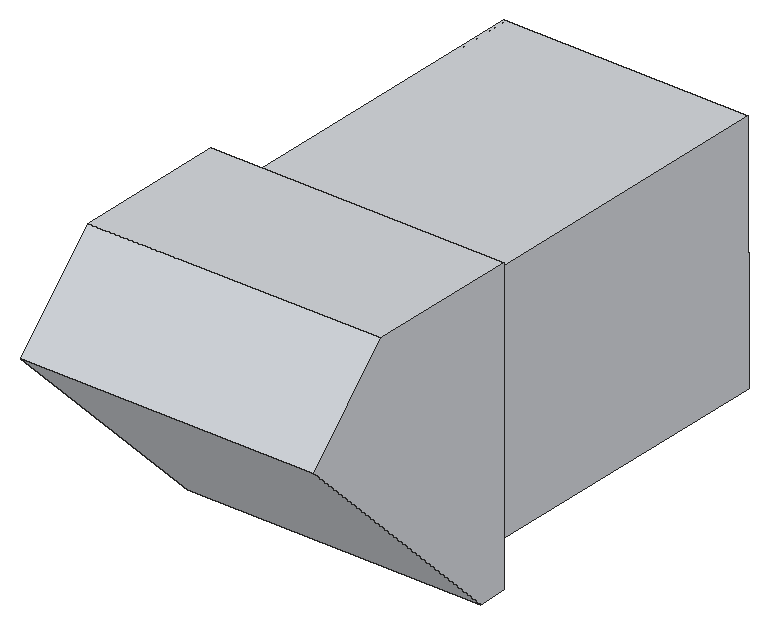
Revit family "XMP_SUPPLY", category Mechanical Equipment, Revit 2019
Family settings
  Round Connector Dimension = Use Diameter
  Part Type = Normal
  Work Plane-Based = No
  Always vertical = Yes
  Cut with Voids When Loaded = No
  Shared = No
  Room Calculation Point = No
Parameters (values of type "20_XMP_SUPPLY")
  WO_PAC/2 = WO_PAC / 2  # 1' - 0 5/8"
  WO_PAC = B_PAC + 0' 0 1/4"  # 2' - 1 1/4"
  WH_C = WH_B + 0' 3"  # 2' - 9"
  WH_B/2 = WH_B / 2  # 1' - 3"
  WH_B = 2' - 6"
  WH_A = 2' - 0 3/8"
  WEATHER_HOOD [instance] = yes
  Unit Weight [instance] = ""
  Sones [instance] = ""
  SIZE/2 = SIZE / 2  # 0' - 11 15/16"
  SIZE = D - 0' 0 1/8"  # 1' - 11 7/8"
  Motor RPM [instance] = ""
  Motor Enclosure [instance] = ""
  ModelID [instance] = ""
  MOTOR = D / 8  # 0' - 3"
  LwA [instance] = ""
  Fan RPM [instance] = ""
  D_PAC/2 = D_PAC / 2 - 0' 4"  # 1' - 1 3/16"
  D_PAC = 2' - 10 3/8"
  D/2 = D / 2  # 1' - 0"
  D = 2' - 0"
  E/2 = E / 2  # 0' - 1"
  E = 0' - 2"
  C_PAC/2 = C_PAC / 2  # 0' - 11"
  C_PAC = 1' - 10"
  C/2 = C / 2  # 0' - 2 5/8"
  C = 0' - 5 1/4"
  B_PAC/2 = B_PAC / 2  # 1' - 0 1/2"
  B_PAC = 2' - 1"
  B/4 = B / 4  # 0' - 4 49/64"
  B/2 = B / 2  # 0' - 9 17/32"
  B-2.5" = B - 0' 2 1/2"  # 1' - 4 9/16"
  B = 1' - 7 1/16"
  Accessories [instance] = ""
  A_PAC/2 = A_PAC / 2  # 1' - 1 3/4"
  A_PAC = 2' - 3 1/2"
  A/7 = A / 7  # 0' - 3.45536"
  A/3.5 = A / 3.5  # 0' - 6.91071"
  A/2 = A / 2  # 1' - 0 3/32"
  A = 2' - 0 3/16"
  90 = 90.00°  # constant formula
  9" = 0' - 9"  # constant formula
  45 = 45.00°
  4'6" = 4' - 6"  # constant formula
  3" = 0' - 3"  # constant formula
  Brake Hp [instance] = ""
  4" = 0' - 4"  # constant formula
  2E = E + E  # 0' - 4"
  2' = 2' - 0"
  2" = 0' - 2"  # constant formula
  135 = 135.00°  # constant formula
  1" = 0' - 1"  # constant formula
  0 = 0' - 0"  # constant formula
  Voltage [instance] = 0 V
  URL = "www.lorencook.com"
  Type Comments = "Medium Pressure Wall-Pac Supply Fan Steel Propeller Belt Drive"  # constant formula
  Static Pressure [instance] = 0.00 in-wg
  Power [instance] = Voltage * Motor FLA * sqrt(if(Phase = 3, 3, 1))  # 0 VA
  Phase [instance] = 0
  Number of Poles [instance] = 1
  Motor Hp [instance] = "0"
  Motor FLA [instance] = 0 A
  Model = "XMP-Supply"  # constant formula
  Manufacturer = "Loren Cook Company"
  CFM [instance] = 0 CFM
  1.5 = 0' - 1 1/2"  # constant formula
  1/2 = 0' - 0 1/2"  # constant formula
  ONE EIGTH = 0' - 0 1/8"  # constant formula
  -WH_B/2 = -WH_B / 2  # -1' - 3"
  -D_PAC/2 = -D_PAC / 2 - 0' 4"  # -1' - 9 3/16"
  -D = -E  # -0' - 2"
  -C/2 = -C / 2  # -0' - 2 5/8"
  -B+1" = -B + 0' 2"  # -1' - 5 1/16"
  -B = -B  # -1' - 7 1/16"
  -((SIZE/2)-.25") = -((SIZE / 2) - 0' 0 1/4")  # -0' - 11 11/16"
  -((A/2)-C-.5") = -((A / 2) - C - 0' 0 1/2")  # -0' - 6 11/32"
  (SIZE/2)-.25" = (SIZE / 2) - 0' 0 1/4"  # 0' - 11 11/16"
  (D_SUP/2)-(C/2)-.125" = (D / 2) - (C / 2) - 0' 0 1/8"  # 0' - 9 1/4"
  (A/2)-C-.5" = (A / 2) - C - 0' 0 1/2"  # 0' - 6 11/32"
  (A/2)-1" = (A / 2) - 0' 0 1/4"  # 0' - 11 27/32"
Types (9): name | WO_PAC/2 | WO_PAC | WH_C | WH_B/2 | WH_B | WH_A | SIZE/2 | SIZE | MOTOR | D_PAC/2 | D_PAC | D/2 | D | E/2 | E | C_PAC/2 | C_PAC | C/2 | C | B_PAC/2 | B_PAC | B/4 | B/2 | B-2.5" | B | A_PAC/2 | A_PAC | A/7 | A/3.5 | A/2 | A | 2E | -WH_B/2 | -D_PAC/2 | -D | -C/2 | -B+1" | -B | -((SIZE/2)-.25") | -((A/2)-C-.5") | (SIZE/2)-.25" | (D_SUP/2)-(C/2)-.125" | (A/2)-C-.5" | (A/2)-1"
  (no name) | 1' - 0 5/8" | 2' - 1 1/4" | 2' - 9" | 1' - 3" | 2' - 6" | 2' - 0 3/8" | 0' - 11 15/16" | 1' - 11 7/8" | 0' - 3" | 1' - 1 3/16" | 2' - 10 3/8" | 1' - 0" | 2' - 0" | 0' - 1" | 0' - 2" | 0' - 11" | 1' - 10" | 0' - 2 5/8" | 0' - 5 1/4" | 1' - 0 1/2" | 2' - 1" | 0' - 4 49/64" | 0' - 9 17/32" | 1' - 4 9/16" | 1' - 7 1/16" | 1' - 1 3/4" | 2' - 3 1/2" | 0' - 3.45536" | 0' - 6.91071" | 1' - 0 3/32" | 2' - 0 3/16" | 0' - 4" | -1' - 3" | -1' - 9 3/16" | -0' - 2" | -0' - 2 5/8" | -1' - 5 1/16" | -1' - 7 1/16" | -0' - 11 11/16" | -0' - 6 11/32" | 0' - 11 11/16" | 0' - 9 1/4" | 0' - 6 11/32" | 0' - 11 27/32"
  24_XMP_SUPPLY | 1' - 3 5/8" | 2' - 7 1/4" | 3' - 1" | 1' - 5" | 2' - 10" | 2' - 3 1/8" | 1' - 2 15/16" | 2' - 5 7/8" | 0' - 3 3/4" | 1' - 1 3/16" | 2' - 10 3/8" | 1' - 3" | 2' - 6" | 0' - 1 1/2" | 0' - 3" | 1' - 1 3/4" | 2' - 3 1/2" | 0' - 3 3/8" | 0' - 6 3/4" | 1' - 3 1/2" | 2' - 7" | 0' - 4 49/64" | 0' - 9 17/32" | 1' - 4 9/16" | 1' - 7 1/16" | 1' - 4 3/4" | 2' - 9 1/2" | 0' - 4 5/16" | 0' - 8 5/8" | 1' - 3 3/32" | 2' - 6 3/16" | 0' - 6" | -1' - 5" | -1' - 9 3/16" | -0' - 3" | -0' - 3 3/8" | -1' - 5 1/16" | -1' - 7 1/16" | -1' - 2 11/16" | -0' - 7 27/32" | 1' - 2 11/16" | 0' - 11 1/2" | 0' - 7 27/32" | 1' - 2 27/32"
  30_XMP_SUPPLY | 1' - 6 5/8" | 3' - 1 1/4" | 3' - 7" | 1' - 8" | 3' - 4" | 2' - 7 7/16" | 1' - 5 15/16" | 2' - 11 7/8" | 0' - 4 1/2" | 1' - 3" | 3' - 2" | 1' - 6" | 3' - 0" | 0' - 1 1/2" | 0' - 3" | 1' - 4 3/4" | 2' - 9 1/2" | 0' - 3 3/8" | 0' - 6 3/4" | 1' - 6 1/2" | 3' - 1" | 0' - 4 49/64" | 0' - 9 17/32" | 1' - 4 9/16" | 1' - 7 1/16" | 1' - 7 3/4" | 3' - 3 1/2" | 0' - 5.16964" | 0' - 10.33929" | 1' - 6 3/32" | 3' - 0 3/16" | 0' - 6" | -1' - 8" | -1' - 11" | -0' - 3" | -0' - 3 3/8" | -1' - 5 1/16" | -1' - 7 1/16" | -1' - 5 11/16" | -0' - 10 27/32" | 1' - 5 11/16" | 1' - 2 1/2" | 0' - 10 27/32" | 1' - 5 27/32"
  36_XMP_SUPPLY | 1' - 9 5/8" | 3' - 7 1/4" | 4' - 1" | 1' - 11" | 3' - 10" | 2' - 11 11/16" | 1' - 8 15/16" | 3' - 5 7/8" | 0' - 5 1/4" | 1' - 3 3/4" | 3' - 3 1/2" | 1' - 9" | 3' - 6" | 0' - 1 1/2" | 0' - 3" | 1' - 7 3/4" | 3' - 3 1/2" | 0' - 3 11/16" | 0' - 7 3/8" | 1' - 9 1/2" | 3' - 7" | 0' - 4 49/64" | 0' - 9 17/32" | 1' - 4 9/16" | 1' - 7 1/16" | 1' - 10 3/4" | 3' - 9 1/2" | 0' - 6.02679" | 1' - 0.05357" | 1' - 9 3/32" | 3' - 6 3/16" | 0' - 6" | -1' - 11" | -1' - 11 3/4" | -0' - 3" | -0' - 3 11/16" | -1' - 5 1/16" | -1' - 7 1/16" | -1' - 8 11/16" | -1' - 1 7/32" | 1' - 8 11/16" | 1' - 5 3/16" | 1' - 1 7/32" | 1' - 8 27/32"
  42_XMP_SUPPLY | 2' - 0 21/32" | 4' - 1 5/16" | 4' - 7" | 2' - 2" | 4' - 4" | 3' - 3 15/16" | 1' - 11 15/16" | 3' - 11 7/8" | 0' - 6" | 1' - 4 1/2" | 3' - 5" | 2' - 0" | 4' - 0" | 0' - 1 1/2" | 0' - 3" | 1' - 10 3/4" | 3' - 9 1/2" | 0' - 3 25/32" | 0' - 7 9/16" | 2' - 0 17/32" | 4' - 1 1/16" | 0' - 5 11/64" | 0' - 10 11/32" | 1' - 6 3/16" | 1' - 8 11/16" | 2' - 1 3/4" | 4' - 3 1/2" | 0' - 6.88393" | 1' - 1.76786" | 2' - 0 3/32" | 4' - 0 3/16" | 0' - 6" | -2' - 2" | -2' - 0 1/2" | -0' - 3" | -0' - 3 25/32" | -1' - 6 11/16" | -1' - 8 11/16" | -1' - 11 11/16" | -1' - 4 1/32" | 1' - 11 11/16" | 1' - 8 3/32" | 1' - 4 1/32" | 1' - 11 27/32"
  48_XMP_SUPPLY | 2' - 3 21/32" | 4' - 7 5/16" | 5' - 1" | 2' - 5" | 4' - 10" | 3' - 8 3/16" | 2' - 2 15/16" | 4' - 5 7/8" | 0' - 6 3/4" | 1' - 9 1/2" | 4' - 3" | 2' - 3" | 4' - 6" | 0' - 1 1/2" | 0' - 3" | 2' - 1 3/4" | 4' - 3 1/2" | 0' - 3 15/16" | 0' - 7 7/8" | 2' - 3 17/32" | 4' - 7 1/16" | 0' - 6 37/64" | 1' - 1 5/32" | 1' - 11 13/16" | 2' - 2 5/16" | 2' - 4 3/4" | 4' - 9 1/2" | 0' - 7.74107" | 1' - 3.48214" | 2' - 3 3/32" | 4' - 6 3/16" | 0' - 6" | -2' - 5" | -2' - 5 1/2" | -0' - 3" | -0' - 3 15/16" | -2' - 0 5/16" | -2' - 2 5/16" | -2' - 2 11/16" | -1' - 6 23/32" | 2' - 2 11/16" | 1' - 10 15/16" | 1' - 6 23/32" | 2' - 2 27/32"
  54_XMP_SUPPLY | 2' - 6 11/16" | 5' - 1 3/8" | 5' - 7" | 2' - 8" | 5' - 4" | 4' - 0 7/16" | 2' - 5 15/16" | 4' - 11 7/8" | 0' - 7 1/2" | 1' - 8" | 4' - 0" | 2' - 6" | 5' - 0" | 0' - 1 1/2" | 0' - 3" | 2' - 4 3/4" | 4' - 9 1/2" | 0' - 3 7/8" | 0' - 7 3/4" | 2' - 6 9/16" | 5' - 1 1/8" | 0' - 6 37/64" | 1' - 1 5/32" | 1' - 11 13/16" | 2' - 2 5/16" | 2' - 7 3/4" | 5' - 3 1/2" | 0' - 8.59821" | 1' - 5.19643" | 2' - 6 3/32" | 5' - 0 3/16" | 0' - 6" | -2' - 8" | -2' - 4" | -0' - 3" | -0' - 3 7/8" | -2' - 0 5/16" | -2' - 2 5/16" | -2' - 5 11/16" | -1' - 9 27/32" | 2' - 5 11/16" | 2' - 2" | 1' - 9 27/32" | 2' - 5 27/32"
  60_XMP_SUPPLY | 2' - 9 11/16" | 5' - 7 3/8" | 6' - 1" | 2' - 11" | 5' - 10" | 4' - 4 5/8" | 2' - 8 15/16" | 5' - 5 7/8" | 0' - 8 1/4" | 1' - 8" | 4' - 0" | 2' - 9" | 5' - 6" | 0' - 1 1/2" | 0' - 3" | 2' - 7 3/4" | 5' - 3 1/2" | 0' - 3 15/16" | 0' - 7 7/8" | 2' - 9 9/16" | 5' - 7 1/8" | 0' - 6 37/64" | 1' - 1 5/32" | 1' - 11 13/16" | 2' - 2 5/16" | 2' - 10 3/4" | 5' - 9 1/2" | 0' - 9.45536" | 1' - 6.91071" | 2' - 9 3/32" | 5' - 6 3/16" | 0' - 6" | -2' - 11" | -2' - 4" | -0' - 3" | -0' - 3 15/16" | -2' - 0 5/16" | -2' - 2 5/16" | -2' - 8 11/16" | -2' - 0 23/32" | 2' - 8 11/16" | 2' - 4 15/16" | 2' - 0 23/32" | 2' - 8 27/32"
  20_XMP_SUPPLY | 1' - 0 5/8" | 2' - 1 1/4" | 2' - 9" | 1' - 3" | 2' - 6" | 2' - 0 3/8" | 0' - 11 15/16" | 1' - 11 7/8" | 0' - 3" | 1' - 1 3/16" | 2' - 10 3/8" | 1' - 0" | 2' - 0" | 0' - 1" | 0' - 2" | 0' - 11" | 1' - 10" | 0' - 2 5/8" | 0' - 5 1/4" | 1' - 0 1/2" | 2' - 1" | 0' - 4 49/64" | 0' - 9 17/32" | 1' - 4 9/16" | 1' - 7 1/16" | 1' - 1 3/4" | 2' - 3 1/2" | 0' - 3.45536" | 0' - 6.91071" | 1' - 0 3/32" | 2' - 0 3/16" | 0' - 4" | -1' - 3" | -1' - 9 3/16" | -0' - 2" | -0' - 2 5/8" | -1' - 5 1/16" | -1' - 7 1/16" | -0' - 11 11/16" | -0' - 6 11/32" | 0' - 11 11/16" | 0' - 9 1/4" | 0' - 6 11/32" | 0' - 11 27/32"
Reference planes (in)
  plane 1 "Center (Front/Back)": y = 0
  plane 2: z = 0
  plane 3 "Center (Left/Right)": x = 0.40541
Forms (in)
  Revolve 1, solid
    sketch origin (0.40541, 0, 0) x (0, 1, 0) y (0, 0, 1)
      loop
        line (-3.625, 2.625) -> (-3.625, 0) -> (-2.625, 0) -> (-2.625, 2.625) -> (-3.625, 2.625)
      axis (-3.625, 0) -> (-2.625, 0)
    angle from 0 to 360
  Extrusion 2, solid
    sketch origin (0.40541, 0, 0) x (0, 1, 0) y (0, 0, 1)
      loop
        line (0, -2.625) -> (-5.25, 2.625) -> (-5.33839, 2.53661) -> (-0.08839, -2.71339) -> (0, -2.625)
    from 48 to 2.625 <- "C/2"
  Extrusion 3, solid
    sketch origin (0.40541, 0, 0) x (0, 1, 0) y (-1, 0, 0)
      loop
        line (0, -2.625) -> (-5.25, 2.625) -> (-5.33839, 2.53661) -> (-0.08839, -2.71339) -> (0, -2.625)
    from 48 to 2.625 <- "C/2"
  Extrusion 4, solid
    sketch origin (0.40541, 0, 0) x (0, 1, 0) y (0, 0, -1)
      loop
        line (0, -2.625) -> (-5.25, 2.625) -> (-5.33839, 2.53661) -> (-0.08839, -2.71339) -> (0, -2.625)
    from 48 to 2.625 <- "C/2"
  Extrusion 5, solid
    sketch origin (0.40541, 0, 0) x (1, 0, 0) y (0, 1, 0)
      loop
        line (-2.625, 0) -> (-2.71339, -0.08839) -> (2.53661, -5.33839) -> (2.625, -5.25) -> (-2.625, 0)
    from -48 to -2.625 <- "-C/2"
  Extrusion 6, void
    sketch origin (0, 0, 0) x (1, 0, 0) y (0, 0, 1)
      loop
        circle (0.40541, 0) r 9.25
      loop
        circle (0.40541, 0) r 54
    from 0 to 10
  Extrusion 7, solid
    sketch origin (0, 0, 0) x (1, 0, 0) y (0, 0, 1)
      loop
        line (-11.68834, 12.09375) -> (-11.68834, -12.09375) -> (12.49916, -12.09375) -> (12.49916, 12.09375) -> (-11.68834, 12.09375)
      loop
        circle (0.40541, 0) r 12
    from 0 to -0.125
  Extrusion 8, solid
    sketch origin (0, 0, 0) x (1, 0, 0) y (0, 0, 1)
      loop
        line (-11.68834, 12.09375) -> (-11.68834, -12.09375) -> (12.49916, -12.09375) -> (12.49916, 12.09375) -> (-11.68834, 12.09375)
      loop
        line (12.37416, -11.96875) -> (12.37416, 11.96875) -> (-11.56334, 11.96875) -> (-11.56334, -11.96875) -> (12.37416, -11.96875)
    from 0 to -2 <- "-D"
  Extrusion 9, solid
    sketch origin (0, 0, 0) x (1, 0, 0) y (0, 0, 1)
      loop
        circle (0.40541, 0) r 1
    from 2 to -19.0625 <- "-B"
  Revolve 10, solid
    sketch origin (0.40541, 0, 0) x (0, 1, 0) y (0, 0, 1)
      loop
        arc (-0.125, 12) -> (-2.75, 9.375) -> (-5.375, 12) r 2.625
        line (-5.375, 12) -> (-5.5, 12)
        arc (-5.5, 12) -> (-2.75, 9.25) -> (0, 12) r 2.75
        line (0, 12) -> (-0.125, 12)
      axis (-5.5, 0) -> (0, 0)
    angle from 0 to 360
  Extrusion 11, solid
    sketch origin (0, 0.125, 0) x (-1, 0, 0) y (0, 0, 1)
      loop
        line (-12.24916, -6.1869) -> (5.78148, 11.84375) -> (4.36727, 11.84375) -> (-12.24916, -4.77268) -> (-12.24916, -6.1869)
    from 0 to 4 <- "2E"
  Extrusion 12, solid
    sketch origin (0, 0.125, 0) x (-1, 0, 0) y (0, 0, 1)
      loop
        line (-5.35516, 0.70711) -> (7.1957, -11.84375) -> (8.60991, -11.84375) -> (-4.64805, 1.41421) -> (-5.35516, 0.70711)
    from 0 to 16.5625 <- "B-2.5""
  Extrusion 13, solid
    sketch origin (0, 0.125, 0) x (-1, 0, 0) y (0, 0, 1)
      loop
        circle (5.56334, -4.55454) r 3
    from 0 to 16.5625 <- "B-2.5""
  Extrusion 14, solid
    sketch origin (0, 16.6875, 0) x (-1, 0, 0) y (0, 0, 1)
      loop
        circle (5.56334, -4.55454) r 0.5
    from 0 to 2.5
  Extrusion 15, solid
    sketch origin (0, 16.6875, 0) x (-1, 0, 0) y (0, 0, 1)
      loop
        circle (-0.40541, 0) r 1
      loop
        line (-3.94095, 0.70711) -> (0.30169, -3.53553) -> (1.0088, -2.82843) -> (0.11223, -1.93185)
        arc (0.11223, -1.93185) -> (1.0088, 1.41421) -> (-2.33726, 0.51764) r 2
        line (-2.33726, 0.51764) -> (-3.23384, 1.41421) -> (-3.94095, 0.70711)
    from -2.5 to -1
  Extrusion 16, solid
    sketch origin (0, 0.125, 0) x (1, 0, 0) y (0, 0, 1)
      loop
        circle (0.40541, 0) r 1
      loop
        arc (2.33726, 0.51764) -> (-1.0088, 1.41421) -> (-0.11223, -1.93185) r 2
        line (-0.11223, -1.93185) -> (-1.0088, -2.82843) -> (-0.30169, -3.53553) -> (3.94095, 0.70711) -> (3.23384, 1.41421) -> (2.33726, 0.51764)
    from -2.5 to -1
  Extrusion 17, void
    sketch origin (4.64805, 0.125, 1.41421) x (0.707107, 0, 0.707107) y (0, -1, 0)
      loop
        line (-18.74959, -16.5625) -> (-15.74959, -16.5625) -> (-18.74959, -13.5625) -> (-18.74959, -16.5625)
    from 0 to 12
  Extrusion 18, solid
    sketch origin (0, 0, 0) x (1, 0, 0) y (0, 0, 1)
      loop
        line (-12.09459, 12.5) -> (-12.09459, -12.5) -> (12.90541, -12.5) -> (12.90541, 12.5) -> (-12.09459, 12.5)
      loop
        line (12.78041, -12.375) -> (12.78041, 12.375) -> (-11.96959, 12.375) -> (-11.96959, -12.375) -> (12.78041, -12.375)
    from -21.1875 <- "-D_PAC/2" to 13.1875 <- "D_PAC/2"
  Extrusion 19, solid
    sketch origin (0, -13.1875, 0) x (1, 0, 0) y (0, 0, 1)
      loop
        line (-10.59459, 11) -> (-10.59459, -11) -> (11.40541, -11) -> (11.40541, 11) -> (-10.59459, 11)
      loop
        line (14.15541, -13.75) -> (14.15541, 13.75) -> (-13.34459, 13.75) -> (-13.34459, -13.75) -> (14.15541, -13.75)
    from 0 to 0.125
  Extrusion 20, solid
    sketch origin (0, -13.3125, 0) x (1, 0, 0) y (0, 0, 1)
      loop
        line (9.90541, 9.5) -> (-9.09459, 9.5) -> (-9.09459, -9.5) -> (9.90541, -9.5) -> (9.90541, 9.5)
      loop
        line (-10.59459, -11) -> (11.40541, -11) -> (11.40541, 11) -> (-10.59459, 11) -> (-10.59459, -11)
    from 0 to 2
  Extrusion 21, solid, visible <- "WEATHER_HOOD"
    sketch origin (0.40541, 0, 0) x (0, 1, 0) y (0, 0, 1)
      loop
        line (-13.1875, 15) -> (-28.9375, 15) -> (-37.5625, 6.375) -> (-16.1875, -15) -> (-13.1875, -15) -> (-13.1875, 15)
    from 15 <- "WH_B/2" to -15 <- "-WH_B/2"
Cuts and joins
  Extrusion 6 cuts Revolve 1
  Extrusion 6 cuts Extrusion 2
  Extrusion 6 cuts Extrusion 3
  Extrusion 6 cuts Extrusion 4
  Extrusion 6 cuts Extrusion 5
  Extrusion 17 cuts Extrusion 12
Dimensions and locks (in)
  "0": Revolve 1 sketch curve to level  (x2)
  "C/2": Revolve 1 sketch curve to level
  "C/2": plane 1 "Center (Front/Back)" to Revolve 1 sketch curve
  "1"": Revolve 1 sketch curve to Revolve 1 sketch curve
  "0": Extrusion 2 sketch curve to plane 1 "Center (Front/Back)"
  "C": plane 1 "Center (Front/Back)" to Extrusion 2 sketch curve
  "C/2": Extrusion 2 sketch curve to level
  "C/2": level to Extrusion 2 sketch curve
  "ONE EIGTH": Extrusion 2 sketch curve to Extrusion 2 sketch curve
  "ONE EIGTH": Extrusion 3 sketch curve to Extrusion 3 sketch curve
  "ONE EIGTH": Extrusion 4 sketch curve to Extrusion 4 sketch curve
  "ONE EIGTH": Extrusion 5 sketch curve to Extrusion 5 sketch curve
  Extrusion 6 sketch curve to plane 3 "Center (Left/Right)" = 0' - 0"  (x2)
  level to Extrusion 6 sketch curve = 0' - 0"
  Extrusion 6 sketch curve to level = 0' - 0"
  "0": Extrusion 3 sketch curve to plane 1 "Center (Front/Back)"
  "C": Extrusion 3 sketch curve to plane 1 "Center (Front/Back)"
  "C/2": plane 3 "Center (Left/Right)" to Extrusion 3 sketch curve
  "C/2": Extrusion 3 sketch curve to plane 3 "Center (Left/Right)"
  "C": plane 1 "Center (Front/Back)" to Extrusion 4 sketch curve
  "0": Extrusion 4 sketch curve to plane 1 "Center (Front/Back)"
  "C/2": level to Extrusion 4 sketch curve
  "C/2": Extrusion 4 sketch curve to level
  "0": Extrusion 5 sketch curve to plane 1 "Center (Front/Back)"
  "C": Extrusion 5 sketch curve to plane 1 "Center (Front/Back)"
  "C/2": plane 3 "Center (Left/Right)" to Extrusion 5 sketch curve
  "C/2": Extrusion 5 sketch curve to plane 3 "Center (Left/Right)"
  "A/2": plane 3 "Center (Left/Right)" to Extrusion 7 sketch curve
  "A/2": Extrusion 7 sketch curve to plane 3 "Center (Left/Right)"
  "A/2": Extrusion 7 sketch curve to level
  "A/2": level to Extrusion 7 sketch curve
  "0": Extrusion 7 sketch curve to level
  "0": Extrusion 7 sketch curve to plane 3 "Center (Left/Right)"
  "ONE EIGTH": Extrusion 8 sketch curve to Extrusion 8 sketch curve  (x4)
  "A/2": plane 3 "Center (Left/Right)" to Extrusion 8 sketch curve  (x2)
  "A/2": level to Extrusion 8 sketch curve
  "A/2": Extrusion 8 sketch curve to level
  "0": Extrusion 9 sketch curve to level
  "0": Extrusion 9 sketch curve to plane 3 "Center (Left/Right)"
  "0": Revolve 10 sketch curve to level
  "D/2": Revolve 10 sketch curve to level  (x2)
  "C": Revolve 10 sketch curve to Revolve 10 sketch curve
  "ONE EIGTH": plane 1 "Center (Front/Back)" to Revolve 10 sketch curve
  "ONE EIGTH": Revolve 10 sketch curve to Revolve 10 sketch curve  (x2)
  "0": Revolve 10 sketch curve to Revolve 10 sketch curve
  "3"": Extrusion 9 to Extrusion 11 sketch curve
  "1"": Extrusion 11 sketch curve to Extrusion 11 sketch curve
  "ONE EIGTH": Extrusion 11 sketch curve to Extrusion 8
  "ONE EIGTH": Extrusion 8 to Extrusion 11 sketch curve
  "ONE EIGTH": Extrusion 8 to Extrusion 12 sketch curve
  "0": Extrusion 12 sketch curve to Extrusion 11
  "1"": Extrusion 12 sketch curve to Extrusion 12 sketch curve
  "1"": Extrusion 12 sketch curve to Extrusion 9
  "0": Extrusion 13 sketch curve to Extrusion 12
  "3"": Extrusion 13 sketch curve to Extrusion 8
  "MOTOR": Extrusion 14 sketch curve to Extrusion 12
  "MOTOR": Extrusion 14 sketch curve to Extrusion 13
  "0": Extrusion 15 sketch curve to plane 3 "Center (Left/Right)"
  "0": Extrusion 15 sketch curve to level
  "0": Extrusion 12 to Extrusion 15 sketch curve
  "1"": Extrusion 15 sketch curve to Extrusion 15 sketch curve  (x2)
  "3"": plane 3 "Center (Left/Right)" to Extrusion 15 sketch curve  (x2)
  "0": Extrusion 16 sketch curve to plane 3 "Center (Left/Right)"  (x2)
  "0": Extrusion 16 sketch curve to level  (x2)
  "3"": plane 3 "Center (Left/Right)" to Extrusion 16 sketch curve  (x2)
  "0": Extrusion 16 sketch curve to Extrusion 12
  "1"": Extrusion 16 sketch curve to Extrusion 16 sketch curve  (x2)
  "0": plane 3 "Center (Left/Right)" to Extrusion 15 sketch curve
  "0": level to Extrusion 15 sketch curve
  "0": Extrusion 17 sketch curve to Extrusion 12  (x2)
  "MOTOR": Extrusion 17 sketch curve to Extrusion 17 sketch curve  (x2)
  "ONE EIGTH": Extrusion 18 sketch curve to Extrusion 18 sketch curve  (x4)
  "B_PAC/2": plane 3 "Center (Left/Right)" to Extrusion 18 sketch curve  (x2)
  "B_PAC/2": level to Extrusion 18 sketch curve
  "B_PAC/2": Extrusion 18 sketch curve to level
  "A_PAC/2": plane 3 "Center (Left/Right)" to Extrusion 19 sketch curve  (x2)
  "C_PAC/2": Extrusion 19 sketch curve to level
  "A_PAC/2": Extrusion 19 sketch curve to level
  "A_PAC/2": level to Extrusion 19 sketch curve
  "C_PAC/2": level to Extrusion 19 sketch curve
  "C_PAC/2": plane 3 "Center (Left/Right)" to Extrusion 19 sketch curve  (x2)
  "1.5": Extrusion 20 sketch curve to Extrusion 20 sketch curve  (x4)
  "C_PAC/2": Extrusion 20 sketch curve to level
  "C_PAC/2": level to Extrusion 20 sketch curve
  "C_PAC/2": plane 3 "Center (Left/Right)" to Extrusion 20 sketch curve  (x2)
  "WH_B/2": Extrusion 21 sketch curve to level
  "WH_B/2": level to Extrusion 21 sketch curve
  "0": Extrusion 19 to Extrusion 21 sketch curve
  "3"": Extrusion 21 sketch curve to Extrusion 21 sketch curve
  "WH_A": Extrusion 21 sketch curve to Extrusion 21 sketch curve
  "(D_SUP/2)-(C/2)-.125"": radius of Extrusion 6 sketch curve
  "D/2": radius of Extrusion 7 sketch curve
  "1"": radius of Extrusion 9 sketch curve
  "4'6"": radius of Extrusion 6 sketch curve
  "MOTOR": radius of Extrusion 13 sketch curve
  "1/2": radius of Extrusion 14 sketch curve
  "1"": radius of Extrusion 15 sketch curve
  "2"": radius of Extrusion 16 sketch curve
  "1"": radius of Extrusion 16 sketch curve
  "2"": radius of Extrusion 15 sketch curve
  "45": angle Extrusion 11 sketch curve to plane 3 "Center (Left/Right)"
  "45": angle Extrusion 12 sketch curve to Extrusion 8
  "135": angle Extrusion 21 sketch curve to Extrusion 21 sketch curve
  "90": angle Extrusion 21 sketch curve to Extrusion 21 sketch curve
Automatic sketch dimensions
  Revolve 1 sketch curve to plane 1 "Center (Front/Back)" = 0' - 0"
  Revolve 1 sketch curve to Revolve 1 sketch curve = 2' - 2"
  plane 1 "Center (Front/Back)" to Revolve 10 sketch curve = 0' - 3 1/4"
  Revolve 10 sketch curve to Revolve 10 sketch curve = 0' - 1.44822"
Connectors (in)
  hvac at (0.40541, -15.3125, 0), driven by "CFM", driven by "C_PAC", driven by "C_PAC"
    settings: on Extrusion 20, index 1, duct flow 0 CFM, flow factor 0, pres drop 0.00 in-wg, loss coef 0, conn angle 0.00°, conn width 22", conn height 22", conn diameter 24", duct sys type 1, conn prof type 1, flow config 0, flow direction 1, loss method 0, conn ref index -1, conn util no, is conn primary yes, conn desc ""
  hvac at (0.40541, 21.1875, 0), driven by "WO_PAC", driven by "WO_PAC", driven by "CFM"
    settings: on Extrusion 18, index 2, duct flow 0 CFM, flow factor 0, pres drop 0.00 in-wg, loss coef 0, conn angle 0.00°, conn width 25 1/4", conn height 25 1/4", conn diameter 24", duct sys type 1, conn prof type 1, flow config 0, flow direction 2, loss method 0, conn ref index -1, conn util no, is conn primary no, conn desc ""
  electrical at (-5.56334, 0.125, -4.55454)
    settings: on Extrusion 13, index 3, voltage 0 V, apparent load 0 VA, apparent load phase1 0 VA, apparent load phase2 0 VA, apparent load phase3 0 VA, power factor 1, load classification "Other", number of poles 1, system type 30, power factor state 1, is connector primary yes, connector utility no, sub classification motor no, connector description ""
